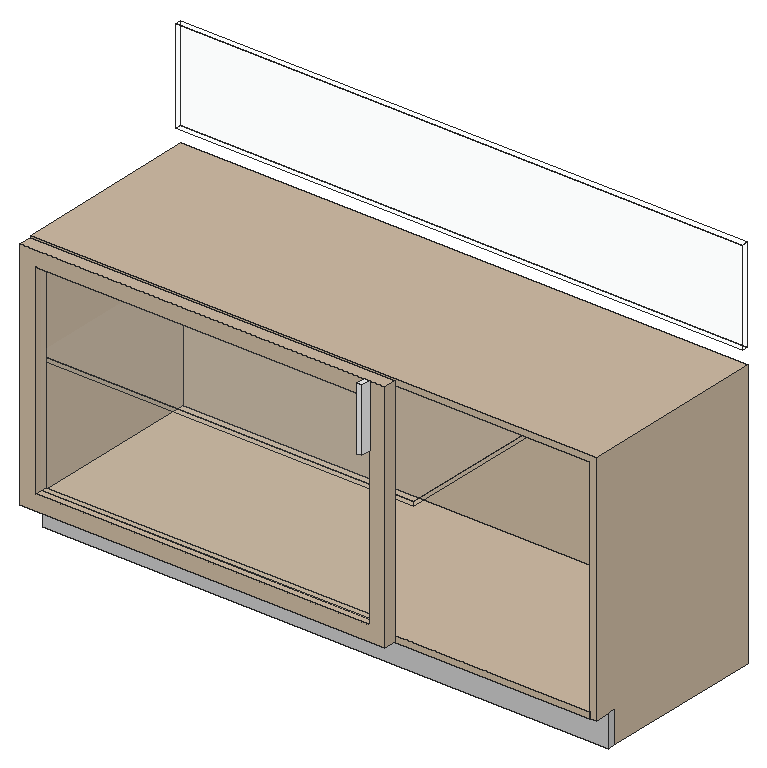
Revit family "Kitchen_Cabinet", category Casework, Revit 2021
Family settings
  Work Plane-Based = No
  Always vertical = Yes
  Cut with Voids When Loaded = No
  Shared = No
  Room Calculation Point = No
Parameters (values of type "Corner Unit 7")
  XXXDouble Swing Panel Glass Vis = and(Double Swing VisCalc, Panel Frame Visibility)  # no
  Wall unit height calc = if(Wall Unit Height > 0 mm, Wall Unit Height - 2 mm, Wall Unit Height)  # 0 mm
  Wall Unit Bottom Base Visibility [instance] = no
  Void Side Offset For Corner Unit Back = Depth * tan(45.00°) * 2  # 1200 mm
  Void Side Offset For Corner Unit = Depth * tan(45.00°)  # 600 mm
  XXXTop Front Offset Calc = if(Top Profile Visibility, Top Profile Extrusion Calc, 0 mm)  # 20 mm
  Top Profile Right Offset Calc [instance] = if(and(Right Top Angle > 0.00°, Top Profile Visibility), Top Profile Extrusion Calc * tan(Right Top Angle), 0 mm)  # 0 mm
  Top Profile Left Offset Calc [instance] = if(and(Left Top Angle > 0.00°, Top Profile Visibility), Top Profile Extrusion Calc * tan(Left Top Angle), 0 mm)  # 0 mm
  Right Back Right Offset [instance] = 0 mm
  Oven Handle VisCalc = and(Oven Visibility, Door Handle Visibility)  # no
  Left Top Angle Offset Calc [instance] = if(Left Top Angle Calc < 0.00°, 0 mm, Top Front Offset * tan(Left Top Angle Calc))  # 0 mm
  Symbol Lines Panel Height Calc = if(XXXPanel Height Calc - XXXMiddle Base Offset Calc < 50 mm, 50 mm, XXXPanel Height Calc - XXXMiddle Base Offset Calc)  # 745 mm
  Right Top Angle Offset Calc [instance] = if(Right Top Angle Calc < 0.00°, 0 mm, Top Front Offset * tan(Right Top Angle Calc))  # 0 mm
  Right Top Angle Calc [instance] = Right Top Angle  # 0.00°
  Right Top Angle [instance] = 0.00°
  Left Top Angle Calc [instance] = Left Top Angle  # 0.00°
  Left Top Angle [instance] = 0.00°
  Left Back Left Offset [instance] = 0 mm
  KickPlate Main Side Offset To 45 Degree Unit = (Kickplate Depth Offset + (Thickness Sides * 2)) * tan(45.00° / 2)  # 37.279 mm
  Width Half = Width / 2  # 900 mm
  Width = 1800 mm
  KickPlate Right Side Offset Calc [instance] = if(Corner Unit 45 Degree Visibility, KickPlate Main Side Offset To 45 Degree Unit, Kickplate Offset Right)  # 0 mm
  KickPlate Left Side Offset Calc [instance] = if(Corner Unit 45 Degree Visibility, KickPlate Main Side Offset To 45 Degree Unit, Kickplate Offset Left)  # 0 mm
  Drawers = Revit Content - Drawers
  Draw Handle Visibility = yes
  Draw Handle VisCalc = and(Draw Handle Visibility, Draw Count > 0)  # no
  Depth Top Calc = Depth + Top Front Offset + Top Back Offset  # 630 mm
  Default Elevation = 0 mm
  Corner Unit Top 45 Degree Visibility = and(Corner Unit 45 Degree Visibility, Top Visibility)  # no
  Corner Unit Shelve VisCalc = and(not(Corner Unit 45 Degree Visibility), Corner Unit  Visibility, Shelves Count > 0)  # yes
  XXXCorner Unit 45 Degree Bottom VisCalc [instance] = and(Wall Unit Bottom Base Visibility, Wall Unit Height > 10 mm, Corner Unit 45 Degree Visibility)  # no
  Corner Unit 45 Degree Side KickPlate Length Calc = Kickplate Depth Offset + Thickness Sides  # 70 mm
  Corner Unit 45 Degree Side Depth For KickPlateCalc = Depth - Kickplate Depth Offset - Thickness Sides  # 530 mm
  Corner Unit 45 Degree Shelve Depth Calc = Depth + Top Front Offset - Thickness Sides * 2  # 590 mm
  Corner Unit 45 Degree Depth Calc = Depth + Top Front Offset - XXXTop Front Offset Calc  # 610 mm
  Bottom Base Visibility = yes
  Bottom Base VisCalc = and(Bottom Base Visibility, not(Corner Unit 45 Degree Visibility))  # yes
  Backsplash Right Offset Calc2 [instance] = if(not(Corner Unit  Visibility), if(Right Top Angle Calc < 0.00°, Backsplash Offset Right, Depth Top Calc * tan(Right Top Angle Calc) - Right Top Angle Offset Calc + Backsplash Offset Right), 0 mm)  # 0 mm
  Backsplash Right Offset Calc [instance] = if(Right Top Angle Calc < 0.00°, Backsplash Offset Right, Depth Top Calc * tan(Right Top Angle Calc) - Right Top Angle Offset Calc + Backsplash Offset Right)  # 0 mm
  Backsplash Left Offset Calc [instance] = if(Left Top Angle Calc < 0.00°, Backsplash Offset Left, Depth Top Calc * tan(Left Top Angle Calc) - Left Top Angle Offset Calc + Backsplash Offset Left)  # 0 mm
  BackSplash VisCalc = and(Shell VisCalc, Back Splash Visibility, not(Corner Unit 45 Degree Visibility))  # yes
  Top VisCalc = and(Shell VisCalc, Top Visibility, not(Corner Unit 45 Degree Visibility), not(Corner Unit  Visibility))  # no
  Top Thickness Calc = if(Top Thickness < 2 mm, 2 mm, Top Thickness)  # 50 mm
  Top Right Side Offset Calc = Top Right Side Offset  # 0 mm
  Top Left Side Offset Calc = Top Left Side Offset  # 0 mm
  Thickness Sides HALF = Thickness Sides / 2  # 10 mm
  Symbol Lines 2D Plan Sliding Door [instance] = and(Show Symbol Lines 2D, Doors Visibility, Sliding Door)  # no
  Symbol Lines 2D Elevation Not HS RIGHT [instance] = and(Show Symbol Lines 2D, Doors Visibility, not(Symbol Lines From Hinge Side), Double Swing, not(Oven Visibility), not(Just Drawers VisCalc), not(Corner Unit  Visibility), not(Sliding Door), not(Additional Drawers Count > 0))  # no
  Symbol Lines 2D Elevation Not HS LEFT [instance] = and(Show Symbol Lines 2D, Doors Visibility, not(Symbol Lines From Hinge Side), not(Oven Visibility), not(Just Drawers VisCalc), not(Corner Unit  Visibility), not(Sliding Door), not(Additional Drawers Count > 0))  # no
  Symbol Lines 2D Elevation HS RIGHT [instance] = and(Show Symbol Lines 2D, Doors Visibility, Symbol Lines From Hinge Side, Double Swing, not(Oven Visibility), not(Just Drawers VisCalc), not(Corner Unit  Visibility), not(Sliding Door), not(Additional Drawers Count > 0))  # no
  Symbol Lines 2D Elevation HS LEFT [instance] = and(Show Symbol Lines 2D, Doors Visibility, Symbol Lines From Hinge Side, not(Oven Visibility), not(Just Drawers), not(Corner Unit  Visibility), not(Sliding Door), not(Additional Drawers Count > 0))  # no
  Symbol Lines 2D Plan RIGHT [instance] = and(Show Symbol Lines 2D, Doors Visibility, Double Swing, not(Oven Visibility), not(Just Drawers VisCalc), not(Corner Unit  Visibility), not(Sliding Door), not(Additional Drawers Count > 0))  # no
  Symbol Lines 2D Plan LEFT [instance] = and(Show Symbol Lines 2D, Doors Visibility, not(Oven Visibility), not(Just Drawers VisCalc), not(Corner Unit  Visibility), not(Sliding Door), not(Additional Drawers Count > 0))  # no
  Top Profile Offset Right = 0 mm
  Top Profile Offset Left = 0 mm
  Symbol Line 3D Drawers [instance] = or(and(Show Symbol Lines 3D, Just Drawers VisCalc), or(and(Show Symbol Lines 3D, Additional Drawers Count > 0)))  # no
  Show Symbol Lines 2D [instance] = yes
  Shell VisCalc = and(Shell Visibility, not(Corner Unit 45 Degree Visibility))  # yes
  Kickplate Offset Right [instance] = 0 mm
  Kickplate Offset Left [instance] = 0 mm
  Height = 900 mm
  Fix Panel Width Max Calc = if(Fix Panel Offset Calc > Thickness Sides * 2 + Space * 2 + Panel Frame Thickness Hinge Side + Panel Frame Thickness Middle, Thickness Sides * 2 + Space * 2 + Panel Frame Thickness Hinge Side + Panel Frame Thickness Middle, Fix Panel Offset Calc)  # 2 mm
  Fix Panel Top & Bottom Offset Calc = if(Panel Between, Thickness Sides, 0 mm)  # 0 mm
  Fix Panel Side Space Calc = 0 mm  # constant formula
  Fix Panel Offset = 0 mm
  Fix Panel Offset Half Calc = Fix Panel Offset / 2  # 0 mm
  Fix Panel Geomtry Width Calc = if(Panel Between, if(Fix Panel Offset Calc > 2 mm, Width Calc - Pannel Side Calc - Space * 2, 2 mm), if(Fix Panel Offset Calc < Space + 2 mm, Width - Pannel Side Calc + 2 mm, Width - Pannel Side Calc - Space))  # 642 mm
  Fix Panel VisCalc = and(Fix Panel, not(Fix Panel Offset < 10 mm), not(Double Swing), not(Sliding Door), not(Oven Visibility), not(Draw Count > 0), not(Additional Drawers Count > 0))  # no
  Unit Height Lock = yes
  Top Profile Visibility = yes
  Thickness Bottom Calc = if(Thickness Bottom < 2 mm, 2 mm, Thickness Bottom)  # 20 mm
  Fix Panel Offset Calc = if(Fix Panel Offset < 2 mm, 2 mm, Fix Panel Offset)  # 2 mm
  Fix Panel = no
  Draw Thickness = 40 mm
  Draw Handle Thickness Calc = if(Draw Handle Depth < 2 mm, 2 mm, Draw Handle Depth)  # 20 mm
  Draw Handle Length Half = Draw Handle Width / 2  # 250 mm
  Draw Handle Height Calc = if(Draw Handle Height < 2 mm, 2 mm, Draw Handle Height)  # 15 mm
  Door Thickness = 40 mm
  Door Handle Visibility = yes
  Depth = 600 mm
  Corner Unit Void Height Calc = if(Corner Unit Panel Height Calc - Panel Frame Thickness Top - Panel Frame Thickness Bottom < 10 mm, 10 mm, Corner Unit Panel Height Calc - Panel Frame Thickness Top - Panel Frame Thickness Bottom)  # 650 mm
  Corner Unit Top VisCalc = and(Corner Unit  Visibility, Top Visibility)  # yes
  Corner Unit Top Profile VisCalc = and(Corner Unit  Visibility, Top Visibility, Top Profile Visibility)  # yes
  Corner Unit Panel VisCalc = and(Corner Unit  Visibility, Doors Visibility)  # yes
  Corner Unit Panel Height Calc = if(XXXHeight Calc - XXXDoor Bottom Offset Calc - Corner Unit Door Top Offset Calc - Bottom Base Height < 2 mm, 2 mm, XXXHeight Calc - XXXDoor Bottom Offset Calc - Corner Unit Door Top Offset Calc - Bottom Base Height)  # 750 mm
  Tap = Revit Content - Tap
  Sink 2 Visibility = no
  Extractor Hood Visibility = no
  Extractor Hood Top = Revit Content - Extractor Hood Top
  Extractor Hood Middle = Revit Content - Extractor Hood Middle
  Extractor Hood Bottom = Revit Content - Extractor Hood
  Drawers on Bottom = no
  Corner Unit Door Top Offset Calc = if(or(Panel Between, Sliding Door Calc), Thickness Sides + Space, 0 mm)  # 0 mm
  Corner Unit Door Handle VisCalc = and(Corner Unit  Visibility, Door Handle Visibility)  # yes
  Corner Unit BackSplash(45 Degrees) VisCalc = and(Corner Unit 45 Degree Visibility, Back Splash Visibility)  # no
  Cooker Radius Calc = 50 mm  # constant formula
  Cooker Burner Width Calc2 = Cooker Burner Width Calc - 20 mm  # 180 mm
  Cooker Burner Length Calc2 = Cooker Burner Length Calc - 20 mm  # 180 mm
  Cooker Burner Width Calc = if(Cooker Burner Width < 50 mm, 50 mm, Cooker Burner Width)  # 200 mm
  Cooker Burner Length Calc = if(Cooker Burner Length < 50 mm, 50 mm, Cooker Burner Length)  # 200 mm
  Wall Unit Right Side Bottom Profile Calc [instance] = and(Wall Unit Height > 10 mm, Wall Unit Right Side Bottom Profile, not(Wall Corner Unit Bottom Profile Calc), not(Corner Unit 45 Degree Visibility))  # no
  Wall Unit Right Side Bottom Profile [instance] = no
  Wall Unit Left Side Bottom Profile Calc [instance] = and(Wall Unit Height > 10 mm, Wall Unit Left Side Bottom Profile, not(Wall Corner Unit Bottom Profile Calc), not(Corner Unit 45 Degree Visibility))  # no
  Wall Unit Left Side Bottom Profile [instance] = no
  Wall Corner Unit VisCalc = and(Corner Unit  Visibility, Wall Unit Height > 10 mm)  # no
  Wall Corner Unit Bottom Profile Calc [instance] = and(Corner Unit  Visibility, Wall Unit Right Side Bottom Profile)  # no
  XXXVoid Leg Vis Calc [instance] = if(or(Bottom Base Height = 0 mm, Wall Unit Height > 10 mm, or(Legs Visibility > 0)), 0 mm, Bottom Base Height Calc)  # 100 mm
  SLM 4000 = 0 mm  # constant formula
  Main Skirting Right Side Distance Calc For Corner Unit = 0 mm  # constant formula
  Legs Visibility [instance] = 0
  Legs = Revit Content - Legs
  Leg Width Calc = if(Leg Width < 2 mm, 2 mm, Leg Width)  # 100 mm
  Leg Width = 100 mm
  Leg Vis 6 [instance] = and(Corner Unit  Visibility, or(Legs Visibility = 6, Legs Visibility = 7))  # no
  Leg Vis 5 [instance] = and(Corner Unit  Visibility, or(Legs Visibility = 5, Legs Visibility = 7))  # no
  Leg Vis 4 [instance] = or(Legs Visibility = 4, Legs Visibility = 7)  # no
  Leg Vis 3 [instance] = or(Legs Visibility = 3, Legs Visibility = 7)  # no
  Leg Vis 2 [instance] = or(Legs Visibility = 2, Legs Visibility = 7)  # no
  Leg Vis 1 [instance] = or(Legs Visibility = 1, Legs Visibility = 7)  # no
  Leg Radius Max Calc = if(Leg Length Calc > Leg Width Calc, Leg Width Calc / 2 - 1 mm, Leg Length Calc / 2 - 1 mm)  # 49 mm
  Leg Radius Calc = if(Leg Radius > Leg Radius Max Calc, Leg Radius Max Calc, if(Leg Radius < 1 mm, 1 mm, Leg Radius))  # 49 mm
  Leg Radius = 500 mm
  Leg Position Left & Right = 150 mm
  Leg Position Front & Back = 150 mm
  Leg Length Calc = if(Leg Length < 2 mm, 2 mm, Leg Length)  # 100 mm
  Leg Length = 100 mm
  Description = "Kitchen Version 3"
  Corner Unit Width Calc = if(Corner Unit Width < 300 mm, 300 mm, Corner Unit Width)  # 600 mm
  Corner Unit Width = 600 mm
  Corner Unit Door Width Calc = if(Panel Between, Corner Unit Width Calc - Space * 2 - Thickness Sides, Corner Unit Width Calc - Door Thickness Calc - Space)  # 555 mm
  Door Right = Revit Content - Door Right
  Door Left & Single = Revit Content - Door Left & Single
  Corner Unit Depth Calc = if(Corner Unit  Visibility, Depth, Width / 2)  # 600 mm
  Corner Unit 45 Degree Visibility = no
  Corner Unit  Visibility = yes
  Cooker Burner Width = 200 mm
  Cooker Burner Length = 200 mm
  CUM 4000 = 0 mm  # constant formula
  XXXBottom Base Thickness Calc = if(Draw Count = 0, if(Bottom Base Thickness < 2 mm, 2 mm, Bottom Base Thickness), Thickness Bottom Calc)  # 20 mm
  Bottom Base Height = 100 mm
  Backsplash Offset Right = 0 mm
  Backsplash Offset Left = 0 mm
  Back Splash Visibility = yes
  Corner Unit Back Splash VisCalc = and(Corner Unit  Visibility, Back Splash Visibility)  # yes
  Back Splash Height = 300 mm
  Back Splash Thickness = 100 mm
  Back Splash Thickness Calc = if(Back Splash Thickness > 20 mm, 20 mm, if(Back Splash Thickness < 2 mm, 2 mm, Back Splash Thickness))  # 20 mm
  Back Splash Height Calc = if(Back Splash Height < 2 mm, 2 mm, Back Splash Height)  # 300 mm
  Symbol Line 3D Double Swing VisCalc [instance] = and(Show Symbol Lines 3D, Doors Visibility, Double Swing, not(Symbol Line 3D Sliding Door VisCalc), not(Corner Unit  Visibility), not(Just Drawers VisCalc), not(Additional Drawers Count > 0))  # no
  Symbol Line 3D Single Swing VisCalc [instance] = and(Show Symbol Lines 3D, Doors Visibility, not(Sliding Door), not(Oven Visibility), not(Just Drawers VisCalc), not(Corner Unit  Visibility), not(Additional Drawers Count > 0))  # no
  Symbol Lines 3D RIGHT Not Hinge Side [instance] = and(Show Symbol Lines 3D, Doors Visibility, Double Swing, not(Symbol Line 3D Sliding Door VisCalc), not(Corner Unit  Visibility), not(Symbol Lines From Hinge Side), not(Sliding Door), not(Just Drawers VisCalc), not(Additional Drawers Count > 0))  # no
  Symbol Lines 3D LEFT Not Hinge Side [instance] = and(Show Symbol Lines 3D, Doors Visibility, not(Oven Visibility), not(Sliding Door), not(Corner Unit  Visibility), not(Symbol Lines From Hinge Side), not(Just Drawers VisCalc), not(Additional Drawers Count > 0))  # no
  URL = "www.revit-content.com"
  Symbol Lines From Hinge Side = yes
  Show Symbol Lines 3D [instance] = no
  Symbol Line 3D Sliding Door VisCalc [instance] = and(Show Symbol Lines 3D, Doors Visibility, Sliding Door, not(Just Drawers VisCalc))  # no
  Symbol Line 3D RIGHT Elevation VisCalc [instance] = and(Show Symbol Lines 3D, Doors Visibility, not(Just Drawers VisCalc), Double Swing, not(Symbol Line 3D Sliding Door VisCalc), Symbol Lines From Hinge Side, not(Corner Unit  Visibility), not(Sliding Door), not(Additional Drawers Count > 0))  # no
  Oven Glass = Revit Content - Glass Oven
  Model = "Casework Furniture"
  Symbol Line 3D LEFT Elevation VisCalc [instance] = and(Show Symbol Lines 3D, Doors Visibility, not(Just Drawers VisCalc), not(Oven Visibility), not(Sliding Door), Symbol Lines From Hinge Side, not(Corner Unit  Visibility), not(Additional Drawers Count > 0))  # no
  Kick Plate = Revit Content - Kick Plate
  Symbol Lines Drawers VisCalc [instance] = or(and(Show Symbol Lines 2D, Just Drawers VisCalc), or(and(Show Symbol Lines 2D, Additional Drawers Count > 0)))  # no
  Draw Symbol Line Count = 80 mm  # constant formula
  Designer = "Sameer Ahmed"
  Copyright = "Content & More Limited"
  Cooker Middle Burner VisCalc = and(Cooker Width > 670 mm, Cooker Visibility)  # no
  Cooker Burner Front & Back Offset Calc = Cooker Burner Front & Back Offset + Cooker Burner Radius Calc  # 99 mm
  Cooker Burner Front & Back Offset = 0 mm
  Cooker Burner Sides Offset = 0 mm
  Cooker Burner Side Offset Calc = Cooker Burner Sides Offset + Cooker Burner Radius Calc  # 99 mm
  Cooker Front & Back Offset = 0 mm
  Cooker Burner Radius Max Calc = if(Cooker Burner Length Calc > Cooker Burner Width Calc, Cooker Burner Width Calc / 2 - 1 mm, Cooker Burner Length Calc / 2 - 1 mm)  # 99 mm
  Cooker Position From Middle = 0 mm
  Cooker Depth = 500 mm
  Cooker Width = 500 mm
  Cooker Width Half Calc = Cooker Width / 2  # 250 mm
  Cooker Position From Middle Calc = Cooker Position From Middle  # 0 mm
  Cooker Depth Calc = if(Cooker Depth > Depth - 100 mm, Depth - 100 mm, if(Cooker Depth < 500 mm, 500 mm, Cooker Depth))  # 500 mm
  Cooker Burner Thickness = 0 mm
  Oven Handle Length = 15 mm
  Oven Handle Thickness = 20 mm
  Oven Handle Width = 500 mm
  Sink & Cooker Plate Thickness = 3 mm
  Oven Handle Length Calc = if(Oven Handle Length < 15 mm, 15 mm, Oven Handle Length)  # 15 mm
  Oven Handle Thickness Calc = if(Oven Handle Thickness < 20 mm, 20 mm, Oven Handle Thickness)  # 20 mm
  Oven Handle Width Calc = if(Oven Handle Width < 100 mm, 100 mm, Oven Handle Width)  # 500 mm
  Oven Handle Position from Top = 20 mm
  Oven = Revit Content - Oven
  Oven VisCalc = if(Oven Visibility, Oven Position Plan, 500 mm)  # 500 mm
  Oven Position Plan = if(Panel Between, 0 mm, Door Thickness Calc + 1 mm)  # 41 mm
  Wall Unit Bottom Front Thickness = 20 mm
  Wall Unit Bottom Front Length = 40 mm
  Wall Unit Bottom Thickness = 20 mm
  Wall Unit Bottom Front Thickness Calc = if(Wall Unit Bottom Front Thickness < 1 mm, 1 mm, Wall Unit Bottom Front Thickness)  # 20 mm
  Wall Unit Bottom Front Length Calc = if(Wall Unit Bottom Front Length < 1 mm, 1 mm, Wall Unit Bottom Front Length)  # 40 mm
  Wall Unit Bottom Thickness Calc = if(Wall Unit Bottom Thickness < 1 mm, 1 mm, Wall Unit Bottom Thickness)  # 20 mm
  Top Profile Extrusion = 20 mm
  Top Profile Extrusion Calc = if(Top Profile Extrusion > 15 mm, Top Profile Extrusion, if(Top Profile Extrusion < 15 mm, 15 mm, Top Profile Extrusion))  # 20 mm
  XXXWall Unit Bottom VisCalc [instance] = and(Wall Unit Bottom Base Visibility, Wall Unit Height > 10 mm, not(Corner Unit  Visibility), not(Corner Unit 45 Degree Visibility))  # no
  Oven Visibility = no
  Drainer VisCalc = and(Drainer Visibility, Sink VisCalc)  # no
  Drainer Visibility = no
  Cooker = Revit Content - Cooker
  Cooker VisCalc = Cooker Calc < 1 mm  # no
  Sink & Cooker Plate Thickness Calc = if(Sink & Cooker Plate Thickness < 3 mm, 3 mm, Sink & Cooker Plate Thickness)  # 3 mm
  Cooker Calc = if(Cooker Visibility, 0 mm, 500 mm)  # 500 mm
  Cooker Burner Thickness Calc = if(Cooker Burner Thickness < 6 mm, 6 mm, Cooker Burner Thickness)  # 6 mm
  Cooker Burner Radius Calc = if(Cooker Burner Radius > Cooker Burner Radius Max Calc, Cooker Burner Radius Max Calc, if(Cooker Burner Radius < 20 mm, 20 mm, Cooker Burner Radius))  # 99 mm
  Cooker Burner Radius 2 Calc = Cooker Burner Radius Calc - 18 mm  # 81 mm
  Cooker Burner Radius = 300 mm
  Cooker Burner Offset From Plate = 8 mm
  Cooker Burner = Revit Content - Cooker Burner
  Cooker Visibility = no
  Max Calc = if(Top Profile Extrusion Calc > Top Thickness, Top Thickness / 2 - 2 mm, Top Profile Extrusion Calc / 2 - 2 mm)  # 8 mm
  Top Profile Radius Top = 20 mm
  Top Profile Radius Bottom = 20 mm
  Top Profile Radius Top Calc = if(Top Profile Radius Top > Max Calc, Max Calc, if(Top Profile Radius Top < 1 mm, 1 mm, Top Profile Radius Top))  # 8 mm
  Top Profile Radius Bottom Calc = if(Top Profile Radius Bottom > Max Calc, Max Calc, if(Top Profile Radius Bottom < 1 mm, 1 mm, Top Profile Radius Bottom))  # 8 mm
  Wall Unit Height = 0 mm
  Top Thickness = 50 mm
  Top Back Offset = 0 mm
  Width Calc = Width - Thickness Sides * 2  # 1760 mm
  Top Front Offset = 30 mm
  Void On/Off Calc = if(Panel Frame Visibility, 0 mm, Door Thickness Calc)  # 0 mm
  Void Height Calc = if(XXXPanel Height Calc - if(and(Drawers on Bottom, Draw Count > 0), XXXMiddle Base Offset Calc, 0 mm) - Panel Frame Thickness Top - Panel Frame Thickness Bottom < 5 mm, 5 mm, XXXPanel Height Calc - if(and(Drawers on Bottom, Draw Count > 0), XXXMiddle Base Offset Calc, 0 mm) - Panel Frame Thickness Top - Panel Frame Thickness Bottom)  # 645 mm
  Top Right Side Offset = 0 mm
  Top Left Side Offset = 0 mm
  Top = Revit Content - Wood.
  Thickness Sides = 20 mm
  Thickness Bottom = 20 mm
  Space = 5 mm
  Sliding Door Profiles VisCalc = if(not(Doors VisCalc), Doors VisCalc, if(and(Sliding Door Calc, or(Drawers Calc, Panel Between)), not(Sliding Door Calc), Sliding Door Calc))  # no
  Sliding Door Profile Distance Calc = if(Sliding Door Calc, 5 mm, 0 mm)  # 0 mm
  Sliding Door Profile = Revit Content - Aluminium
  Sliding Door Overlap Calc = Sliding Door Overlap / 2  # 25 mm
  Sliding Door Overlap = 50 mm
  Sliding Door Offset Calc = if(Sliding Door Calc, Door Thickness Calc + 1 mm, 0 mm)  # 0 mm
  Sliding Door Calc = if(and(Drawers Calc, not(Panel Between)), Panel Between, Sliding Door)  # no
  Sliding Door = no
  Kickplate Depth Offset = 50 mm
  Sink Calc = if(Sink Visibility, 0 mm, 500 mm)  # 500 mm
  Sink VisCalc = Sink Visibility  # no
  Sink Visibility = no
  Side S PW O = Width  # 1800 mm
  Side S PW I = Width Calc - Space * 2  # 1750 mm
  Side D PW O = (Width - Space) / 2  # 897.5 mm
  Side D PW I = if(Sliding Door Calc, Width Calc / 2, (Width Calc - Space * 3) / 2)  # 872.5 mm
  Shelves & Divider Offset From Back = 5 mm
  Shelve VisCalc = and(not(Corner Unit 45 Degree Visibility), Shelves Count > 0)  # yes
  Shelve = Revit Content - Glass
  Shell = Revit Content - Wood
  Pannel Side Calc = if(Corner Unit  Visibility, if(Panel Between, Width - Thickness Sides - Space - Space - Depth, Width - Depth - Door Thickness Calc), if(Double Swing VisCalc, if(Panel Between, if(Sliding Door Calc, Side D PW I + Sliding Door Overlap Calc, Side D PW I), if(Sliding Door Calc, Side D PW O + Sliding Door Overlap Calc, Side D PW O)), if(Panel Between, if(Sliding Door Calc, Side S PW I + Sliding Door Overlap Calc, Side S PW I - Fix Panel Offset), if(Sliding Door Calc, Side S PW O + Sliding Door Overlap Calc - Fix Panel Offset, Side S PW O - Fix Panel Offset))))  # 1160 mm
  XXXPanel Height Calc = if(XXXHeight Calc - Bottom Base Height - XXXDoor Bottom Offset Calc - XXXDoor Top Offset Calc < 2 mm, 2 mm, XXXHeight Calc - Bottom Base Height - XXXDoor Bottom Offset Calc - XXXDoor Top Offset Calc)  # 745 mm
  Panel Glass Thickness Calc = if(Panel Glass Thickness < 2 mm, 2 mm, Panel Glass Thickness)  # 3 mm
  Panel Glass Position = (Door Thickness Calc - Panel Glass Thickness Calc) / 2  # 18.5 mm
  Panel Glass End Calc = Void Height Calc + Panel Frame Thickness Bottom + XXXDoor Bottom Offset Calc  # 695 mm
  Panel Glass VisCalc = and(Panel Frame Visibility, Doors VisCalc)  # yes
  Panel Glass = Revit Content - Glass
  Panel Frame Thickness Top = 50 mm
  Panel Frame Thickness Middle = 50 mm
  Panel Frame Thickness Hinge Side = 50 mm
  Panel Frame Thickness Bottom Calc = Panel Frame Thickness Bottom + XXXDoor Bottom Offset Calc  # 50 mm
  Panel Frame Thickness Bottom = 50 mm
  Panel Frame Visibility = yes
  Panel Between = no
  Shell Visibility = yes
  Middle Vis = and(not(Just Drawers), not(Corner Unit 45 Degree Visibility))  # yes
  XXXMiddle Base Offset Calc = if(not(Just Drawers), if(Drawers on Bottom, if(Panel Between, if(Draw Count > 0, Thickness Bottom + Draw Space, 0 mm) + ((XXXDrawers Height Calc + Space) * Draw Count), ((XXXDrawers Height Min Calc RETURN + Space) * Draw Count)), if(Panel Between, 0 mm, 0 mm)), 0 mm)  # 0 mm
  Sink = Revit Content - Sink
  Just Drawers VisCalc = and(Draw Count > 0, Just Drawers)  # no
  Just Drawers = no
  Hinge Position Right Calc [instance] = if(and(Panel Between, Fix Panel VisCalc), Thickness Sides, if(Panel Between, if(Sliding Door, Thickness Sides + Door Sliding Right Calc, Thickness Sides + Space + Door Sliding Right Calc), Door Sliding Right Calc))  # 0 mm
  Hinge Position Left Calc [instance] = if(Panel Between, if(Sliding Door, Thickness Sides + Door Sliding Left Calc, Thickness Sides + Space + Door Sliding Left Calc), Door Sliding Left Calc)  # 0 mm
  Hinge Position IO Calc = if(Panel Between, Depth / 2, (Depth / 2) + Door Thickness Calc + Sliding Door Offset Calc)  # 340 mm
  Handle = Revit Content - Handle
  Guide Rail = Revit Content - Aluminium
  Top Visibility = yes
  Top Profile VisCalc = and(Top Profile Extrusion > 1 mm, Top Visibility, Top Profile Visibility, not(Corner Unit  Visibility))  # no
  Drawers Calc = Draw Count > 0  # no
  Draw Width Calc = if(Panel Between, Width Calc - Draw Space * 2 - Fix Panel Offset, Width - Fix Panel Offset)  # 1800 mm
  Draw Thickness Calc = if(Draw Thickness < 12 mm, 12 mm, Draw Thickness)  # 40 mm
  Draw Space = 5 mm
  Draw Side Distance Calc = if(Panel Between, Thickness Sides + Draw Space + Fix Panel Offset, Fix Panel Offset)  # 0 mm
  XXXDraw Depth Position Calc = if(Panel Between, Depth / 2, (Depth / 2) + Draw Thickness Calc)  # 340 mm
  Draw Height = 184 mm
  Draw Handle Depth = 20 mm
  Draw Handle Offset From Top = 10 mm
  Draw Handle Width = 500 mm
  Draw Handle Height = 15 mm
  Draw Count = 0
  Double Swing VisCalc = if(not(Doors VisCalc), Doors VisCalc, if(Sliding Door, Sliding Door, Double Swing))  # no
  Double Swing = no
  Double Door Thickness Calc = Door Thickness Calc * 2 + Space * 2 + 5 mm  # 95 mm
  Doors VisCalc = and(Doors Visibility, Additional Drawers Count < 1, not(Just Drawers))  # yes
  Doors Visibility = yes
  XXXDoor Top Offset Calc = if(Drawers on Bottom, if(or(Panel Between, Sliding Door Calc), Thickness Sides + Space, if(Top Visibility, Space, 0 mm)), if(Panel Between, Thickness Sides + Draw Space + ((Draw Height + Draw Space) * Draw Count), ((Draw Height + Draw Space) * Draw Count) + if(Top Visibility, Space, 0 mm)))  # 5 mm
  Door Swing Right Calc [instance] = if(Sliding Door Calc, 0.00°, 90.00° / 100 * Door Opening Right %)  # 0.00°
  Door Swing Left Calc [instance] = if(Sliding Door Calc, 0.00°, 90.00° / 100 * Door Opening Left and Single %)  # 0.00°
  Door Sliding Right Calc [instance] = if(Sliding Door Calc, Width Calc / 2 / 100 * Door Opening Right %, 0 mm)  # 0 mm
  Door Sliding Left Calc [instance] = if(Sliding Door Calc, Width Calc / 2 / 100 * Door Opening Left and Single %, 0 mm)  # 0 mm
  Door Opening Right % [instance] = 0
  Door Opening Left and Single % [instance] = 0
  Door Handle Right VisCalc = and(Double Swing, Door Handle VisCalc, Doors VisCalc, not(Sliding Door), not(Just Drawers VisCalc))  # no
  Door Handle Height = 200 mm
  Door Handle Width = 15 mm
  Door Handle Depth = 30 mm
  Door Handle Offset From Top = 0 mm
  Door Handle Offset From Side = 50 mm
  Door Thickness Calc = if(Door Thickness < 12 mm, 12 mm, Door Thickness)  # 40 mm
  Door Handle Left VisCalc = and(not(Sliding Door), Door Handle VisCalc, Doors VisCalc, not(Just Drawers VisCalc))  # yes
  Door Handle VisCalc = and(Door Handle Visibility, Doors VisCalc)  # yes
  XXXDoor Bottom Offset Calc = if(Panel Between, Thickness Bottom + Space, 0 mm)  # 0 mm
  Divider A Right Calc = and(not(Corner Unit 45 Degree Visibility), A Right Divider Height > 0 mm)  # no
  Divider A Left Calc = and(not(Corner Unit 45 Degree Visibility), A Left Divider Height > 0 mm)  # no
  Divider = Revit Content - Wood
  XXXDepth Shelves & Divider Depth Calc = if(Shelves & Divider Depth > Depth - Shelves & Divider Offset From Back - Thickness Sides + if(Panel Between, if(Sliding Door, -Door Thickness Calc * 2 - 5 mm, -Door Thickness Calc - 5 mm), 0 mm), Depth - Shelves & Divider Offset From Back - Thickness Sides + if(Panel Between, if(Sliding Door, -Door Thickness Calc * 2 - 5 mm, -Door Thickness Calc - 5 mm), 0 mm), if(Shelves & Divider Depth < 2 mm, 2 mm, Shelves & Divider Depth))  # 575 mm
  Bottom Base Thickness = 20 mm
  Bottom Base Height Calc = if(Bottom Base Height < 2 mm, 2 mm, Bottom Base Height)  # 100 mm
  Back Splash = Revit Content - Back Splash
  Assembly Code = "E2020200"
  Adiitional Drawers VisCalc = and(Additional Drawers Count > 0, not(Just Drawers))  # no
  XXXAdiitional Drawers Height Position Calc TOP = if(XXXAdiitional Drawers Count Calc 2 > 1, if(Panel Between, XXXAdiitional Drawers Height Min Calc + Draw Space, XXXAdiitional Drawers Height Min Calc + Draw Space), 0 mm)  # 0 mm
  XXXAdiitional Drawers Height Min Calc = (Additional Drawers Height Calc + if(Panel Between, -Draw Space * XXXAdiitional Drawers Count Calc 2 + Draw Space, -Draw Space * XXXAdiitional Drawers Count Calc 2 + Draw Space)) / XXXAdiitional Drawers Count Calc 2  # 745 mm
  XXXAdiitional Drawers Count Calc 2 = if(Additional Drawers Count < 1, 1, Additional Drawers Count)  # 1
  Additonal Draw Handle VisCalc = and(Draw Handle Visibility, Additional Drawers Count > 0)  # no
  Additional Drawers Count = 0
  XXXAdiitional Drawers Count Calc 1 = if(Additional Drawers Count < 2, 2, Additional Drawers Count)  # 2
  XXXAdiitional Drawers Height Position Calc BOTTOM = if(Drawers on Bottom, if(Panel Between, XXXMiddle Base Offset Calc + Thickness Bottom + Draw Space, (Draw Space + XXXDrawers Height Min Calc RETURN) * (XXXDrawers Count Calc 2)), if(Panel Between, Thickness Bottom + Draw Space, 0 mm))  # 0 mm
  Additional Drawers = Revit Content - Additional Drawers
  Additional Drawer Handle Height Position = 10 mm
  Additional Drawers Height Calc = if((XXXHeight Calc - XXXAdiitional Drawers Height Position Calc BOTTOM - Bottom Base Height Calc - XXXDoor Top Offset Calc - if(and(Top Visibility, Drawers on Bottom, not(Panel Between)), Draw Space, 0 mm)) < 2 mm, 2 mm, (XXXHeight Calc - XXXAdiitional Drawers Height Position Calc BOTTOM - Bottom Base Height Calc - XXXDoor Top Offset Calc - if(and(Top Visibility, Drawers on Bottom, not(Panel Between)), Draw Space, 0 mm)))  # 745 mm
  ADDITIONAL DRAWERS MAINTAINANCE 400 = 0 mm  # constant formula
  XXXRight Divider Height Calc 2 = if(A Right Divider Height = 0 mm, 100 mm, if(A Right Divider Offset From Bottom + A Right Divider Height > XXXHeight Calc PB & PNB, if(Panel Between, XXXHeight Calc PB & PNB - A Right Divider Offset From Bottom - XXXMiddle Base Offset Calc, XXXHeight Calc PB & PNB - A Right Divider Offset From Bottom - XXXMiddle Base Offset Calc - Thickness Bottom - Thickness Sides), A Right Divider Height))  # 100 mm
  XXXRight Divider Height Calc = if(XXXRight Divider Height Calc 2 < 2 mm, 2 mm, XXXRight Divider Height Calc 2)  # 100 mm
  Shelves Width Calc = if(Shelves Width < 10 mm, 10 mm, if(Shelves Width > Width Calc, Width Calc, Shelves Width))  # 1200 mm
  Shelves Width = 1200 mm
  Shelves Count Calc = if(Shelves Count < 2, 2, Shelves Count)  # 2
  Shelve Offset From Bottom = 400 mm
  Shelve Offset From Bottom Shelves Calc = if(Shelves Count > 1, Shelve Offset From Bottom Shelve, 0 mm)  # 0 mm
  Shelve Offset From Bottom Shelve = 400 mm
  Shelves Count = 1
  Depth Inner Side Calc = Depth - Thickness Sides * 2  # 560 mm
  A Left Divider Offset From Bottom = 0 mm
  A Right Divider Offset From Bottom = 0 mm
  Shelves & Divider Depth = 800 mm
  Divider Thickness = 15 mm
  Shelves Thickness = 15 mm
  A Right Divider Height = 0 mm
  XXXLeft Divider Height Calc 2 = if(A Left Divider Height = 0 mm, 100 mm, if(A Left Divider Offset From Bottom + A Left Divider Height > XXXHeight Calc PB & PNB, if(Panel Between, XXXHeight Calc PB & PNB - A Left Divider Offset From Bottom - XXXMiddle Base Offset Calc, XXXHeight Calc PB & PNB - A Left Divider Offset From Bottom - XXXMiddle Base Offset Calc - Thickness Bottom - Thickness Sides), A Left Divider Height))  # 100 mm
  XXXLeft Divider Height Calc = if(XXXLeft Divider Height Calc 2 < 2 mm, 2 mm, XXXLeft Divider Height Calc 2)  # 100 mm
  A Left Divider Height = 0 mm
  A Left Divider Distance = 0 mm
  A Right Divider Distance = 0 mm
  Sink Height = 300 mm
  Sink Radius Calc = if(Sink Radius > Sink Radius Max Calc, Sink Radius Max Calc, if(Sink Radius < 70 mm, 70 mm, Sink Radius))  # 100 mm
  Sink Width = 400 mm
  Sink Depth = 450 mm
  Sink Plate Thickness = 2 mm
  Sink Position From Middle = 300 mm
  Sink Position From Middle Calc = if(Sink Position From Middle > Sink Width Calc / 2 - 50 mm, Sink Width Calc / 2 - 50 mm, Sink Position From Middle)  # 150 mm
  Sink Depth Position From Middle = 0 mm
  Sink Width Calc = if(Sink Width < 200 mm, 200 mm, Sink Width)  # 400 mm
  Sink Depth Calc = if(Sink Depth < 200 mm, 200 mm, Sink Depth)  # 450 mm
  Sink Radius = 100 mm
  Sink Radius Max Calc = if(Sink Width Calc > Sink Depth Calc, Sink Depth Calc / 2 - 5 mm, Sink Width Calc / 2 - 5 mm)  # 195 mm
  Sink Shell Thickness Calc = if(Sink Shell Thickness > 5 mm, 5 mm, if(Sink Shell Thickness < 2 mm, 2 mm, Sink Shell Thickness))  # 5 mm
  Sink Bottom Half Calc = 55 mm  # constant formula
  Sink Shell Thickness = 20 mm
  Sink Drainer Left Offset = 30 mm
  Sink Drainer Right Offset = 30 mm
  Sink 2 Calc = if(Sink 2 Visibility, 0 mm, 500 mm)  # 500 mm
  Sink 2 VisCalc = Sink 2 Visibility  # no
  Sink 2 Radius Calc = if(Sink 2 Radius > Sink 2 Radius Max Calc, Sink 2 Radius Max Calc, if(Sink 2 Radius < 70 mm, 70 mm, Sink 2 Radius))  # 100 mm
  Sink 2 Radius Max Calc = if(Sink 2 Width Calc > Sink 2 Depth Calc, Sink 2 Depth Calc / 2 - 1 mm, Sink 2 Width Calc / 2 - 1 mm)  # 124 mm
  Sink 2 Width Calc = if(Sink 2 Width < 200 mm, 200 mm, Sink 2 Width)  # 250 mm
  Sink 2 Depth Calc = if(Sink 2 Depth < 200 mm, 200 mm, Sink 2 Depth)  # 450 mm
  Sink 2 Radius = 100 mm
  Sink 2 Width = 250 mm
  Sink 2 Depth = 450 mm
  Sink 2 Height = 150 mm
  Sink 2 Height Calc = if(Sink 2 Height < 100 mm, 100 mm, Sink 2 Height)  # 150 mm
  Sink Height Calc = if(Sink Height < 100 mm, 100 mm, Sink Height)  # 300 mm
  Sink 2 Depth Position From Middle = 0 mm
  Sink 2 Position From Sink = 50 mm
  Sink Drainer Left Length Calc = if(Sink 2 VisCalc, Sink 2 Position From Sink + Sink 2 Width Calc + Sink Drainer Left Offset, Sink Drainer Left Offset)  # 30 mm
  Sink Drainer Right Length Calc = Sink Drainer Right Offset  # 30 mm
  Sink Drainaer VisCalc = if(Drainer Visibility, 0 mm, 500 mm)  # 500 mm
  Sink Tap Height Calc = if(Sink Tap Height < 50 mm, 50 mm, Sink Tap Height)  # 200 mm
  Sink Tap Length Calc = if(Sink Tap Length < 50 mm, 50 mm, Sink Tap Length)  # 200 mm
  Sink Tap Length 2 Calc = if(Sink Tap Length 2 < 5 mm, 5 mm, Sink Tap Length 2)  # 20 mm
  Sink Tap Radius Calc = if(Sink Tap Radius > Sink Tap Radius Max Calc, Sink Tap Radius Max Calc, if(Sink Tap Radius < 5 mm, 5 mm, Sink Tap Radius))  # 99 mm
  Sink Tap Radius Max Calc = if(Sink Tap Height Calc > Sink Tap Length Calc, Sink Tap Length Calc / 2 - 1 mm, Sink Tap Height Calc / 2 - 1 mm)  # 99 mm
  Sink Tap Height = 200 mm
  Sink Tap Length = 200 mm
  Sink Tap Length 2 = 20 mm
  Sink Tap Radius = 5000 mm
  Sink Tap Profile Width Calc = if(Sink Tap Profile Width < 5 mm, 5 mm, Sink Tap Profile Width)  # 10 mm
  Sink Tap Profile Length Calc = if(Sink Tap Profile Length < 5 mm, 5 mm, Sink Tap Profile Length)  # 30 mm
  Sink Tap Profile Radius Calc = if(Sink Tap Profile Radius > Sink Tap Profile Radius Max Calc, Sink Tap Profile Radius Max Calc, if(Sink Tap Profile Radius < 2 mm, 2 mm, Sink Tap Profile Radius))  # 2 mm
  Sink Tap Profile Width = 10 mm
  Sink Tap Profile Length = 30 mm
  Sink Tap Profile Radius = 0 mm
  Sink Tap Profile Radius Max Calc = if(Sink Tap Profile Width Calc > Sink Tap Profile Length Calc, Sink Tap Profile Length Calc / 2 - 1 mm, Sink Tap Profile Width Calc / 2 - 1 mm)  # 4 mm
  Sink Tap Angle Position = 45.00°
  Sink Tap Position From Back = 50 mm
  Sink Tap Position From Middle = 0 mm
  Extractor Hood Bottom Width Calc = if(Extractor Hood Bottom Width < 400 mm, 400 mm, Extractor Hood Bottom Width)  # 500 mm
  Extractor Hood Bottom Depth Calc = if(Extractor Hood Bottom Depth < 400 mm, 400 mm, Extractor Hood Bottom Depth)  # 500 mm
  Extractor Hood Bottom Height Calc = if(Extractor Hood Bottom Height < 2 mm, 2 mm, Extractor Hood Bottom Height)  # 20 mm
  Extractor Hood Bottom Width = 500 mm
  Extractor Hood Bottom Depth = 500 mm
  Extractor Hood Bottom Height = 20 mm
  Extractor Hood Middle Bottom Side Offset = 0 mm
  Extractor Hood Middle Height = 100 mm
  Extractor Hood Middle Height Calc = if(Extractor Hood Middle Height < 2 mm, 2 mm, Extractor Hood Middle Height)  # 100 mm
  Extractor Hood Top Width Calc = if(Extractor Hood Top Width < 50 mm, 50 mm, Extractor Hood Top Width)  # 50 mm
  Extractor Hood Top Depth Calc = if(Extractor Hood Top Depth < 50 mm, 50 mm, Extractor Hood Top Depth)  # 50 mm
  Extractor Hood Top Height Calc = if(Extractor Hood Top Height < Extractor Hood Middle Height Calc + 10 mm, Extractor Hood Middle Height Calc + 10 mm, Extractor Hood Top Height)  # 110 mm
  Extractor Hood Top Width = 50 mm
  Extractor Hood Top Depth = 50 mm
  Extractor Hood Top Height = 50 mm
  Extractor Hood Height Position = 600 mm
  Extractor Hood Radius Calc = if(Extractor Hood Radius > Extractor Hood Radius Max Calc, Extractor Hood Radius Max Calc, if(Extractor Hood Radius < 5 mm, 5 mm, Extractor Hood Radius))  # 5 mm
  Extractor Hood Radius Max Calc = if(Extractor Hood Bottom Width Calc > Extractor Hood Bottom Depth Calc, Extractor Hood Bottom Depth Calc / 2 - 1 mm, Extractor Hood Bottom Width Calc / 2 - 1 mm)  # 249 mm
  Extractor Hood Radius = 0 mm
  Extractor Hood Top Radius Calc = if(Extractor Hood Radius > Extractor Hood Top Radius Max Calc, Extractor Hood Top Radius Max Calc, if(Extractor Hood Radius < 5 mm, 5 mm, Extractor Hood Radius))  # 5 mm
  Extractor Hood Top Radius Max Calc = if(Extractor Hood Top Width Calc > Extractor Hood Top Depth Calc, Extractor Hood Top Depth Calc / 2 - 2 mm, Extractor Hood Top Width Calc / 2 - 2 mm)  # 23 mm
  Extractor Hood Middle Bottom Radius Calc = if(Extractor Hood Radius > Extractor Hood Middle Bottom Radius Max Calc, Extractor Hood Middle Bottom Radius Max Calc, if(Extractor Hood Radius < 5 mm, 5 mm, Extractor Hood Radius))  # 5 mm
  Extractor Hood Middle Bottom Radius Max Calc = if(Extractor Hood Middle Bottom Offset Width Calc > Extractor Hood Middle Bottom Offset Depth Calc, Extractor Hood Middle Bottom Offset Depth Calc / 2 - 1 mm, Extractor Hood Middle Bottom Offset Width Calc / 2 - 1 mm)  # 249 mm
  Extractor Hood Middle Top Radius Calc = if(Extractor Hood Radius > Extractor Hood Middle Top Radius Max Calc, Extractor Hood Middle Top Radius Max Calc, if(Extractor Hood Radius < 5 mm, 5 mm, Extractor Hood Radius))  # 5 mm
  Extractor Hood Middle Top Radius Max Calc = if(Extractor Hood Middle Top Offset Width Calc > Extractor Hood Middle Top Offset Depth Calc, Extractor Hood Middle Top Offset Depth Calc / 2 - 1 mm, Extractor Hood Middle Top Offset Width Calc / 2 - 1 mm)  # 99 mm
  Extractor Hood Middle Bottom Offset Width Calc = Extractor Hood Bottom Width Calc - Extractor Hood Middle Bottom Side Offset * 2  # 500 mm
  Extractor Hood Middle Bottom Offset Depth Calc = Extractor Hood Bottom Depth Calc - Extractor Hood Middle Bottom Side Offset * 2  # 500 mm
  Extractor Hood Middle Top Offset Width Calc = Extractor Hood Bottom Width Calc - Extractor Hood Middle Bottom Side Offset * 2 - Extractor Hood Middle Top Offset Left - Extractor Hood Middle Top Offset Right  # 500 mm
  Extractor Hood Middle Top Offset Depth Calc = Extractor Hood Bottom Depth Calc - Extractor Hood Middle Bottom Side Offset * 2 - Extractor Hood Middle Top Offset Back - Extractor Hood Middle Top Offset Front  # 200 mm
  Extractor Hood Middle Top Offset Left = 0 mm
  Extractor Hood Middle Top Offset Right = 0 mm
  Extractor Hood Middle Top Offset Back = 0 mm
  Extractor Hood Middle Top Offset Front = 300 mm
  Extractor Hood Top Position From Back = 20 mm
  Extractor Hood Position From Back = 0 mm
  Sink Tap Knob Radius Calc = if(Sink Tap Knob Radius > Sink Tap Knob Radius Max Calc, Sink Tap Knob Radius Max Calc, if(Sink Tap Knob Radius < 2 mm, 2 mm, Sink Tap Knob Radius))  # 9 mm
  Sink Tap Knob Width Calc = if(Sink Tap Knob Width < 5 mm, 5 mm, Sink Tap Knob Width)  # 20 mm
  Sink Tap Knob Length Calc = if(Sink Tap Knob Length < 5 mm, 5 mm, Sink Tap Knob Length)  # 20 mm
  Sink Tap Knob Radius Max Calc = if(Sink Tap Knob Width Calc > Sink Tap Knob Length Calc, Sink Tap Knob Length Calc / 2 - 1 mm, Sink Tap Knob Width Calc / 2 - 1 mm)  # 9 mm
  Sink Tap Knob Radius = 10 mm
  Sink Tap Knob Width = 20 mm
  Sink Tap Knob Length = 20 mm
  Sink Tap Knob Height Position = 100 mm
  Sink Tap Knob Thickness = 50 mm
  Sink Tap Knob Thickness Calc = if(Sink Tap Knob Thickness < 5 mm, 5 mm, Sink Tap Knob Thickness)  # 50 mm
  Sink Drainer Front Offset = 30 mm
  Sink Drainer Back Offset = 30 mm
  Panel Glass Thickness = 3 mm
  CornerUnit Shelve Widh Calc = Depth + Corner Unit Width Calc - XXXDepth Shelves & Divider Depth Calc - Thickness Sides * 2 - Shelves & Divider Offset From Back  # 580 mm
  XXXDrawers Height Position Calc Top RETURN = if(Draw Count > 1, XXXDrawers Height Min Calc RETURN + Draw Space, 0 mm)  # 0 mm
  XXXDrawers Height Min Calc RETURN = if(XXXDrawers Height Calc < 50 mm, 50 mm, XXXDrawers Height Calc)  # 179 mm
  XXXDrawers Count Calc 2 = if(Draw Count < 1, 1, Draw Count)  # 1
  XXXDrawers Count Calc 1 = if(Draw Count < 2, 2, Draw Count)  # 2
  XXXDrawers Height Bottom Position Calc = if(Drawers on Bottom, if(Panel Between, Thickness Bottom + Draw Space, 0 mm), if(Panel Between, Thickness Bottom + if(and(not(Just Drawers), Draw Count > 0), XXXPanel Height Calc + Draw Space * 2, Draw Space), if(and(not(Panel Between), not(Unit Height Lock), Draw Count > 0), 0 mm, if(Just Drawers, 0 mm, XXXPanel Height Calc + Draw Space))))  # 750 mm
  XXXDrawers Height Calc = if(Unit Height Lock, if(Just Drawers, (XXXHeight Calc PB & PNB + if(not(Panel Between), if(Top Visibility, -Draw Space, 0 mm) + Draw Space - Draw Space * XXXDrawers Count Calc 2, -Draw Space - (Draw Space * XXXDrawers Count Calc 2))) / XXXDrawers Count Calc 2, (XXXDrawers Height Calc.) / XXXDrawers Count Calc 2), Draw Height)  # 179 mm
  XXXHeight Calc = if(Unit Height Lock, if(Top Visibility, Height - Top Thickness, Height), if(Panel Between, Bottom Base Height Calc + Thickness Sides + Thickness Bottom + Draw Space + Draw Space * XXXDrawers Count Calc 2 + (Draw Height * XXXDrawers Count Calc 2), Bottom Base Height Calc - Draw Space + Draw Space * XXXDrawers Count Calc 2 + (Draw Height * XXXDrawers Count Calc 2)))  # 850 mm
  XXXDrawers Height Calc. = if(Just Drawers, (XXXHeight Calc PB & PNB + if(and(Top Visibility, not(Panel Between), not(Drawers on Bottom)), (Draw Space * XXXDrawers Count Calc 2), 0 mm)) / (XXXDrawers Count Calc 2), (Draw Height + if(and(Top Visibility, not(Panel Between), not(Drawers on Bottom)), -Draw Space / (XXXDrawers Count Calc 2), 0 mm)) * (XXXDrawers Count Calc 2))  # 179 mm
  XXXHeight Calc PB & PNB = if(not(Top Visibility), if(Panel Between, Height - Bottom Base Height Calc - Thickness Bottom - Thickness Sides, Height - Bottom Base Height Calc), if(Panel Between, Height - Top Thickness - Bottom Base Height Calc - Thickness Bottom - Thickness Sides, Height - Top Thickness - Bottom Base Height Calc))  # 750 mm
  XXXWall Corner Unit Bottom Base VisCalc [instance] = and(Wall Corner Unit VisCalc, Wall Unit Bottom Base Visibility)  # no
  XXXKickplate VisCalc = and(Wall Unit Height < 10 mm, Shell Visibility)  # yes
  XXXCorner Unit Kickplate VisCalc = and(Wall Unit Height < 10 mm, Corner Unit  Visibility)  # yes
  XXX 45 Degree Corner Unit Shelve Width = Width + Thickness Sides * 2  # 1840 mm
  XXX 45 Degree Corner Unit Shelve Front Depth = Door Thickness Calc * 2  # 80 mm
  Sink Cooker Extract Drainer Position Calc = if(Top Visibility, Top Thickness, 0 mm)  # 50 mm
Reference planes
  plane 1 "Center (Front/Back)": y = 0
  plane 2 "BOTTOM": z = 0
  plane 3 "Center (Left/Right)": x = 0
  plane 4 "4": x = -900
  plane 5 "2": x = 900
  plane 6 "1": y = 300
  plane 7 "FRONT SHELVES": y = -300
  plane 8 "Middle Bottom": z = 100
  plane 9 "Top Top": z = 850
  plane 10 "4 A": x = -880
  plane 11 "2A": x = 880
  plane 12 "BACK SHELVES": y = 275
  plane 13 "Top Bottom": z = 830
  plane 14 "Middle Top": z = 120
  plane 15 "Left CPD C/L": x = -890
  plane 16 "Right CPD C/L": x = 890
  plane 17 "Middle C/L": z = 110
  plane 18 "Top C/L": z = 840
  plane 19 "Back CPD C/L": y = 290
  plane 20 "Panel Hinge LEFT": y = -340
  plane 21 "Hinge Left": x = -900
  plane 22 "Hinge Right": x = 900
  plane 23 "Door Top": z = 845
  plane 24 "Door Bottom": z = 100
  plane 25 "Front CPD": y = -300
  plane 26 "1A": y = 280
  plane 27 "Panel Hinge RIGHT": y = -340
  plane 28: x = 900
  plane 29 "Bottom": z = 100
  plane 30 "Bottom Top": z = 120
  plane 31 "Bottom C/L": z = 110
  plane 32 "Draw Side Origion": x = 900
  plane 33 "Draw Bottom Origion": z = 850
  plane 34 "Draw 2 Bottom": z = 850
  plane 35 "Oven Front": y = -800
  plane 36 "Draw Front": y = -340
  plane 37 "UPPER TOP": z = 900
  plane 38 "TOP LEFT": x = -900
  plane 39 "TOP RIGHT": x = 900
  plane 40 "TOP BACK": y = 300
  plane 41 "TOP FRONT": y = -330
  plane 42 "Cooker": z = 1400
  plane 43 "Sink": z = 1400
  plane 44 "Sink Back": y = 225
  plane 45 "Sink Front": y = -225
  plane 46 "Sink Right": x = 500
  plane 47 "Sink Left": x = 100
  plane 48 "Sink C/L L/R": x = 150
  plane 49 "Sink C/L.F/B": y = 0
  plane 50 "Sink Bottom": z = 1100
  plane 51 "Oven Bottom": z = 100
  plane 52 "Oven Top": z = 845
  plane 53 "Cooker Left": x = -250
  plane 54 "Cooker Right": x = 250
  plane 55 "Cooker Back": y = 250
  plane 56 "Cooker Front": y = -250
  plane 57 "Cooker F/B C/L": y = 0
  plane 58 "Cooker Burner Top": z = 1408
  plane 59 "Cooker Hob Radius Center Right": x = 151
  plane 60: y = 151
  plane 61 "Cooker Hob Radius Center Left": x = -151
  plane 62: y = -151
  plane 63 "Symbol Lines": z = 0
  plane 64 "Symbol Lines Top": z = 900
  plane 65 "Symbol Lines Bottom": z = 0
  plane 66 "Symbol Line Center Top & Bottom": z = 472.5
  plane 67 "Symbol Lines Top 1": z = 845
  plane 68 "Symbol Lines Bottom 1": z = 100
  plane 69 "Symbol Lines Plan Back": y = 300
  plane 70 "Symbol Lines Plan Front": y = -300
  plane 71 "Symbol Lines Plan Left": x = -900
  plane 72 "Symbol Lines Plan Right": x = 900
  plane 73 "Symbol Lines Plan front/back": y = 0
  plane 74 "Symbol Lines Plan Left/Right": x = 0
  plane 75 "Corner Unit Left & Right": x = 300
  plane 76 "Corner Unit Right": x = 900
  plane 77 "Corner Unit Back & Front": y = -300
  plane 78 "Corner Unit Front": y = -900
  plane 79 "Corner Unit Right Middle": x = 600
  plane 80 "Corner Unit Front Middle": y = -600
  plane 81 "Corner Unit Left": x = -900
  plane 82 "Corner Unit Back": y = 300
  plane 83 "Corner Unit Back Middle": y = 0
  plane 84 "Corner Unit Front A": y = -880
  plane 85 "Corner Unit Right A": x = 880
  plane 86 "Corner Unit Left & Right Skirting": x = 350
  plane 87 "Corner Unit Left & Right Skirting A": x = 370
  plane 88: y = -250
  plane 89 "Corner Unit Bottom": z = 80
  plane 90 "Corner Unit Bottom A": z = 60
  plane 91 "Corner Unit Left A": x = -880
  plane 92 "Corner Unit Hinge LR": y = -900
  plane 93 "Corner Unit Hinge IO": x = 260
  plane 94: x = -750
  plane 95: y = 150
  plane 96: x = 750
  plane 97: y = 150
  plane 98: x = -750
  plane 99: y = -150
  plane 100: x = 750
  plane 101: y = -150
  plane 102 "Void": z = 0
  plane 103 "Draw Handle Left": x = -250
  plane 104 "Draw Handle Right": x = 250
  plane 105: y = 225
  plane 106: y = -225
  plane 107 "Sink 2 Right": x = 50
  plane 108 "Sink 2 Left": x = -200
  plane 109 "Sink 2": z = 1400
  plane 110 "Sink 2 Bottom": z = 1250
  plane 111 "Sink 2 C/L F/B": y = 0
  plane 112 "Sink 2 C/L L/R": x = -75
  plane 113 "Sink Tap Horizontal": y = 250
  plane 114 "Sink Tap Vertical": x = 300
  plane 115 "Extractor Hood Bottom": z = 1500
  plane 116 "Extractor Hood Bottom Top": z = 1520
  plane 117 "Extractor Hood Middle Top": z = 1620
  plane 118 "Extractor Hood Top": z = 1630
  plane 119 "Sink Middle": x = 300
  plane 120 "Corner Unit Door Top Offset": z = 850
  plane 121 "Plan Left Symbol Line Hinge": x = -900
  plane 122 "Plan Right Symbol Line Hinge": x = 900
  plane 123 "Szmbol Lines Hinge IO": y = -340
  plane 124 "Draw Handle Center": x = 0
  plane 125 "Additional Drawers Front": y = -340
  plane 126 "Additional Drawers": z = 100
  plane 127 "Additional Drawers Height Postion Calc": z = 100
  plane 128 "Wall Unit Bottom Corner Heights": z = 60
  plane 129: x = 156
  plane 130 "Symbol Lines Drawers & Sliding Vis Center": x = 0
  plane 131 "Symbol Lines Drawers & Sliding Vis Right": x = 225
  plane 132 "Symbol Lines Drawers & Sliding Vis Left": x = -225
  plane 133 "Additional Draw Height 1st": z = 845
  plane 134 "Additional Draw Height 2nd": z = 845
  plane 135 "Draw Height 1st": z = 1029
  plane 136 "Draw Height 2nd": z = 1029
  plane 137: z = 850
  plane 138: z = 100
  plane 139 "Aditional Drawers Back Ref": y = -300
  plane 140 "Corner Unit 45 Degree Top Front Offset": y = -310
  plane 141 "Symbol Line Elevation Bottom Offset": z = 100
  plane 142 "Left Top Angle Offset Calc": x = -900
  plane 143 "Right Top Angle Offset Calc": x = 900
  plane 144 "Sink Cooker Extractor Position": z = 900
  plane 145 "Top  Front Offset Calc": y = -310
  plane 146 "Top Front Offset Corner Unit": x = 270
  plane 147 "Top Front Offset Calc Corner Unit": x = 290
  plane 148 "Left Top Profile": x = -900
  plane 149 "Top Right Profile": x = 900
Forms (mm)
  Extrusion 1, solid, material "Revit Content - Wood" <- "Shell", visible <- "Shell VisCalc"
    sketch origin (0, 3000, 0) x (1, 0, 0) y (0, 1, 0)
      loop
        line (-900, -2700) -> (-900, -2720) -> (900, -2720) -> (900, -2700) -> (-900, -2700)
    from 0 to 850
  Extrusion 2, solid, material "Revit Content - Wood" <- "Shell", visible <- "Middle Vis"
    sketch origin (0, 3000, 100) x (-1, 0, 0) y (0, -1, 0)
      loop
        line (880, 3300) -> (-880, 3300) -> (-880, 2720) -> (880, 2720) -> (880, 3300)
    from 0 to 20
  Extrusion 3, solid, material "Revit Content - Wood" <- "Shell", visible <- "Shell VisCalc"
    sketch origin (0, 3000, 830) x (-1, 0, 0) y (0, -1, 0)
      loop
        line (900, 3300) -> (-900, 3300) -> (-900, 2700) -> (900, 2700) -> (900, 3300)
    from 0 to 20
  Extrusion 4, solid, material "Revit Content - Wood" <- "Divider", visible <- "Divider A Left Calc"
    sketch origin (0, -300, 0) x (-1, 0, 0) y (0, 0, -1)
      loop
        line (895, -220) -> (895, -120) -> (880, -120) -> (880, -220) -> (895, -220)
    from 0 to -575
  Extrusion 5, solid, material "Revit Content - Wood" <- "Divider", visible <- "Divider A Right Calc"
    sketch origin (0, -300, 0) x (-1, 0, 0) y (0, 0, -1)
      loop
        line (-880, -220) -> (-880, -120) -> (-895, -120) -> (-895, -220) -> (-880, -220)
    from -575 to 0
  Extrusion 6, solid, material "Revit Content - Glass" <- "Shelve", visible <- "Shelve VisCalc"
    sketch origin (860, 275, -417.336) x (-1, 0, 0) y (0, 0, -1)
      loop
        line (1740, -937.336) -> (1740, -922.336) -> (540, -922.336) -> (540, -937.336) -> (1740, -937.336)
    from 0 to 575 <- "XXXDepth Shelves & Divider Depth Calc"
  Extrusion 7, solid, material "Revit Content - Glass" <- "Shelve", visible <- "Shelve VisCalc"
    sketch origin (860, 275, -417.336) x (-1, 0, 0) y (0, 0, -1)
      loop
        line (1740, -937.336) -> (1740, -922.336) -> (540, -922.336) -> (540, -937.336) -> (1740, -937.336)
    from 0 to 575 <- "XXXDepth Shelves & Divider Depth Calc"
  Extrusion 8, solid, material "Revit Content - Door Right" <- "Door Right", visible <- "Double Swing VisCalc"
    sketch origin (2010.067, -1880.238, 255) x (-0.819152, -0.573576, 0) y (0.573576, -0.819152, 0)
      loop
        line (25.869, -1898.397) -> (2.926, -1931.163) -> (953.143, -2596.512) -> (976.086, -2563.746) -> (25.869, -1898.397)
    from -155 to 590
  Extrusion 9, solid, material "Revit Content - Door Left & Single" <- "Door Left & Single", visible <- "Doors VisCalc"
    sketch origin (122.78, -1866.574, 255) x (-0.819152, -0.573576, 0) y (0.573576, -0.819152, 0)
      loop
        line (-37.794, -1837.138) -> (-988.011, -1171.79) -> (-1010.954, -1204.556) -> (-60.737, -1869.905) -> (-37.794, -1837.138)
    from -155 to 590
  Extrusion 10, solid, material "Revit Content - Kick Plate" <- "Kick Plate", visible <- "XXXKickplate VisCalc"
    sketch origin (25, 0, 100) x (-1, 0, 0) y (0, -1, 0)
      loop
        line (925, 230) -> (925, 250) -> (-875, 250) -> (-875, 230) -> (925, 230)
    from -100 to 0
  Extrusion 11, solid, material "Revit Content - Aluminium" <- "Guide Rail", visible <- "Sliding Door Profiles VisCalc"
    sketch origin (0, 0, 850) x (-1, 0, 0) y (0, -1, 0)
      loop
        line (900, 300) -> (900, 395) -> (-900, 395) -> (-900, 300) -> (900, 300)
    from -20 to 0
  Extrusion 12, solid, material "Revit Content - Aluminium" <- "Guide Rail", visible <- "Sliding Door Profiles VisCalc"
    sketch origin (0, 0, 120) x (-1, 0, 0) y (0, -1, 0)
      loop
        line (900, 300) -> (900, 395) -> (-900, 395) -> (-900, 300) -> (900, 300)
    from -20 to 0
  Extrusion 13, solid, material "Revit Content - Aluminium" <- "Sliding Door Profile", visible <- "Sliding Door Profiles VisCalc"
    sketch origin (0, 0, 120) x (-1, 0, 0) y (0, -1, 0)
      loop
        line (-880, 300) -> (-880, 340) -> (-898.234, 340) -> (-898.234, 393) -> (-880, 393) -> (-880, 395) -> (-900, 395) -> (-900, 300) -> (-880, 300)
    from 0 to 710
  Extrusion 14, solid, material "Revit Content - Wood" <- "Shell", visible <- "Bottom Base VisCalc"
    sketch origin (0, -300, 0) x (-1, 0, 0) y (0, 0, 1)
      loop
        line (880, 120) -> (-880, 120) -> (-880, 100) -> (880, 100) -> (880, 120)
    from 0 to 580
  Extrusion 15, solid, material "Revit Content - Handle" <- "Handle", visible <- "Door Handle Left VisCalc", detail levels medium+fine
    sketch origin (-900, -340, 100) x (1, 0, 0) y (0, 0, 1)
      loop
        line (1110, 545) -> (1110, 745) -> (1095, 745) -> (1095, 545) -> (1110, 545)
    from 0 to 30 <- "Door Handle Depth"
  Extrusion 16, solid, material "Revit Content - Handle" <- "Handle", visible <- "Door Handle Right VisCalc", detail levels medium+fine
    sketch origin (900, -340, 100) x (-1, 0, 0) y (0, 0, -1)
      loop
        line (1110, -745) -> (1110, -545) -> (1095, -545) -> (1095, -745) -> (1110, -745)
    from 0 to 30 <- "Door Handle Depth"
  Extrusion 17, void
    sketch origin (-1000, -340, 100) x (-1, 0, 0) y (0, 0, 1)
      loop
        line (-150, 695) -> (-1210, 695) -> (-1210, 50) -> (-150, 50) -> (-150, 695)
    from 0 to 40 <- "Door Thickness Calc"
  Extrusion 18, void
    sketch origin (-260, -340, 100) x (-1, 0, 0) y (0, 0, 1)
      loop
        line (-50, 695) -> (-1110, 695) -> (-1110, 50) -> (-50, 50) -> (-50, 695)
    from 0 to 40 <- "Door Thickness Calc"
  Extrusion 19, solid, material "Revit Content - Glass" <- "Panel Glass", visible <- "Panel Glass VisCalc"
    sketch origin (-900, -340, 100) x (1, 0, 0) y (0, 1, 0)
      loop
        line (50, 18.5) -> (1110, 18.5) -> (1110, 21.5) -> (50, 21.5) -> (50, 18.5)
    from 50 <- "Panel Frame Thickness Bottom Calc" to 695 <- "Panel Glass End Calc"
  Extrusion 20, solid, material "Revit Content - Glass" <- "Panel Glass", visible <- "XXXDouble Swing Panel Glass Vis"
    sketch origin (-260, -340, 100) x (1, 0, 0) y (0, 1, 0)
      loop
        line (50, 18.5) -> (1110, 18.5) -> (1110, 21.5) -> (50, 21.5) -> (50, 18.5)
    from 50 <- "Panel Frame Thickness Bottom Calc" to 695 <- "Panel Glass End Calc"
  Extrusion 21, solid, material "Revit Content - Wood" <- "Shell", visible <- "Shell VisCalc"
    sketch origin (-880, 0, 0) x (0, -1, 0) y (0, 0, 1)
      loop
        line (-300, 0) -> (230, 0) -> (230, 100) -> (300, 100) -> (300, 830) -> (-300, 830) -> (-300, 0)
    from 0 to 20
  Extrusion 22, solid, material "Revit Content - Wood" <- "Shell", visible <- "Shell VisCalc"
    sketch origin (880, 0, 0) x (0, -1, 0) y (0, 0, -1)
      loop
        line (-300, -830) -> (300, -830) -> (300, -100) -> (230, -100) -> (230, 0) -> (-300, 0) -> (-300, -830)
    from 0 to 20
  Extrusion 23, solid, material "Revit Content - Wood." <- "Top", visible <- "Top VisCalc"
    sketch origin (0, 0, 900) x (-1, 0, 0) y (0, -1, 0)
      loop
        line (900, -300) -> (900, 310) -> (-900, 310) -> (-900, -300) -> (900, -300)
    from -50 to 0
